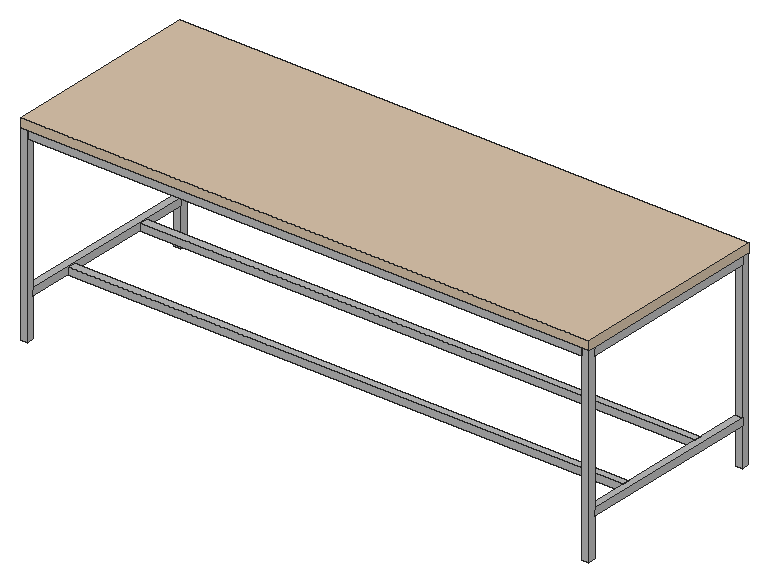
Revit family "Haworth_Cultivate_Table", category Furniture Systems, Revit 2018
Family settings
  Round Connector Dimension = Use Diameter
  Part Type = Normal
  OmniClass Number = 23.40.70.14.64.21
  OmniClass Title = Systems Furniture
  Work Plane-Based = No
  Always vertical = Yes
  Cut with Voids When Loaded = No
  Shared = No
  Room Calculation Point = No
Parameters (values of type "42h 120w 42d - Top Overhang - None")
  Worksurface Finish = Haworth _ Laminate _ Maple H-AE
  Worksurface Edge Finish = Haworth _ Laminate _ Maple H-AE
  Wire Manager Height = if(Actual Height > 36", 37 53/64", 25 53/64")  # 37 53/64"
  Warranty = "http://www.haworth.com/resources/product-info/warranties"
  Vertical Wire Manager = no
  URL - Product = "http://www.haworth.com/products/tables/collaborative/cultivate"
  Top Thickness 2 in. = not([Top Thickness 1 3/16 in.])  # yes
  Top Thickness 1 3/16 in. = no
  Top Thickness = if(Top Thickness 2 in., 2", 1 3/16")  # 2"
  Top Overhang - Right Side - 24 in. = no
  Top Overhang - Right Side - 19 in. = no
  Top Overhang - None = not(or([Top Overhang - Right Side - 19 in.], [Top Overhang - Right Side - 24 in.], [Top Overhang - Both Sides - 19 in.], [Top Overhang - Both Sides - 24 in.]))  # yes
  Top Overhang - Both Sides - 24 in. = no
  Top Overhang - Both Sides - 19 in. = no
  Top Included = not(Base Only)  # yes
  Table Seam = Width > 120"  # no
  Sustainability Info = "https://www.haworth.com/na/en/expertise/sustainability.html"
  Support Finish = Haworth _ Paint _ Metallic Champagne
  Standard Top Thickness = "1 3/16, 2 in."  # constant formula
  Model = "Haworth - Cultivate Table"  # constant formula
  Min. Depth = 36"  # constant formula
  Max. Depth = 42"  # constant formula
  Width = 120"
  URL = "www.haworth.com"
  Support Height = Actual Height - Top Thickness  # 40"
  Size = "Verify Final Dim. w/ Haworth"  # constant formula
  Revision Number = "1"  # constant formula
  Min/Max Width = "60-120 in.; or 79-115 in.; or 98-134 in. @ 12 in. increments"  # constant formula
  Standard Height = "29, 30, 41, 41 in."  # constant formula
  Min. Width = 60"  # constant formula
  Max. Width = 134"  # constant formula
  Manufacturer = "Haworth"  # constant formula
  Frame Height 40 in. = not(Frame Height 28 in.)  # yes
  Frame Height 28 in. = no
  Frame Height = if(Frame Height 40 in., 40", 28")  # 40"
  Footrest x2 = not(Footrest x1)  # yes
  Footrest x1 = Frame Height 28 in.  # no
  Description = "Haworth - Cultivate Table"  # constant formula
  Depth = 42"
  Custom Size = not(and(or(Depth = 36", Depth = 42"), or(Width = 60", Width = 72", Width = 84", Width = 96", Width = 108", Width = 120", Width = 79", Width = 91", Width = 103", Width = 115", Width = 98", Width = 110", Width = 122", Width = 134")))  # no
  Base Only = no
  Bag Hook Finish = Haworth _ Paint _ Metallic Champagne
  Bag Hook = no
  Author = "Haworth (Bentzen)"  # constant formula
  Assembly Code = "E2020200"
  Actual Width = if(Width > Max. Width, Max. Width, if(Width < Min. Width, Min. Width, Width))  # 120"
  Actual Top Overhang - Right Side - 24 in. = if(and([Top Overhang - Right Side - 24 in.], or((Width - 24") = 60", (Width - 24") = 72", (Width - 24") = 84", (Width - 24") = 96")), 24", 0")  # 0"
  Actual Top Overhang - Right Side - 19 in. = if(and([Top Overhang - Right Side - 19 in.], or((Width - 19") = 60", (Width - 19") = 72", (Width - 19") = 84", (Width - 19") = 96")), 19", 0")  # 0"
  Actual Top Overhang - Right Side = if(or([Actual Top Overhang - Both Sides - 19 in.] = 19", [Actual Top Overhang - Right Side - 19 in.] = 19"), 19", if(or([Actual Top Overhang - Both Sides - 24 in.] = 24", [Actual Top Overhang - Right Side - 24 in.] = 24"), 24", if([Top Overhang - None], 0", 0")))  # 0"
  Actual Top Overhang - Left Side = if([Actual Top Overhang - Both Sides - 19 in.] = 19", 19", if([Actual Top Overhang - Both Sides - 24 in.] = 24", 24", if([Top Overhang - None], 0", 0")))  # 0"
  Actual Top Overhang - Both Sides - 24 in. = if(and([Top Overhang - Both Sides - 24 in.], or((Width - 48") = 60", (Width - 48") = 72", (Width - 48") = 84", (Width - 48") = 96")), 24", 0")  # 0"
  Actual Top Overhang - Both Sides - 19 in. = if(and([Top Overhang - Both Sides - 19 in.], or((Width - 38") = 60", (Width - 38") = 72", (Width - 38") = 84", (Width - 38") = 96")), 19", 0")  # 0"
  Actual Height = Top Thickness + Frame Height  # 42"
  Standard Depths = "36, 42 in."  # constant formula
  Actual Depth = if(Depth > Max. Depth, Max. Depth, if(Depth < Min. Depth, Min. Depth, Depth))  # 42"
Types (10): name | Top Overhang - Right Side - 24 in. | Top Overhang - Right Side - 19 in. | Top Overhang - None | Top Overhang - Both Sides - 24 in. | Top Overhang - Both Sides - 19 in. | Table Seam | Width | Depth | Actual Width | Actual Top Overhang - Right Side - 24 in. | Actual Top Overhang - Right Side - 19 in. | Actual Top Overhang - Right Side | Actual Top Overhang - Left Side | Actual Top Overhang - Both Sides - 24 in. | Actual Top Overhang - Both Sides - 19 in. | Actual Depth
  42h 60w 36d - Top Overhang - None | no | no | yes | no | no | no | 60" | 36" | 60" | 0" | 0" | 0" | 0" | 0" | 0" | 36"
  42h 120w 42d - Top Overhang - None | no | no | yes | no | no | no | 120" | 42" | 120" | 0" | 0" | 0" | 0" | 0" | 0" | 42"
  42h 103w 42d - Top Overhang - Right | no | yes | no | no | no | no | 103" | 42" | 103" | 0" | 19" | 19" | 0" | 0" | 0" | 42"
  42h 108w 42d - Top Overhang - Both Sides | no | no | no | yes | no | no | 108" | 42" | 108" | 0" | 0" | 24" | 24" | 24" | 0" | 42"
  42h 122w 42d - Top Overhang - Both Sides | no | no | no | no | yes | yes | 122" | 42" | 122" | 0" | 0" | 19" | 19" | 0" | 19" | 42"
  42h 79w 36d - Top Overhang - Right | no | yes | no | no | no | no | 79" | 36" | 79" | 0" | 19" | 19" | 0" | 0" | 0" | 36"
  42h 72w 36d - Top Overhang - None | no | no | yes | no | no | no | 72" | 36" | 72" | 0" | 0" | 0" | 0" | 0" | 0" | 36"
  42h 84w 36d - Top Overhang - Right | yes | no | no | no | no | no | 84" | 36" | 84" | 24" | 0" | 24" | 0" | 0" | 0" | 36"
  42h 84w 36d - Top Overhang - None | no | no | yes | no | no | no | 84" | 36" | 84" | 0" | 0" | 0" | 0" | 0" | 0" | 36"
  42h 96w 42d | no | no | yes | no | no | no | 96" | 42" | 96" | 0" | 0" | 0" | 0" | 0" | 0" | 42"
Reference planes (in)
  plane 1 "Floor": z = 0
  plane 2 "Table Bottom": z = 42
  plane 3 "masking region": z = 40
  plane 4: x = 189.5
  plane 5: x = 189.5
  plane 6: x = 309.5
  plane 7: x = 309.5
  plane 8: x = 249.5
  plane 9: z = 0
  plane 10: z = 42
  plane 11: y = -18.4568
  plane 12: y = 23.5432
  plane 13: y = 2.5432
  plane 14: z = 40
  plane 15: x = 189.5
  plane 16: x = 191
  plane 17: y = -18.4568
  plane 18: y = -16.9568
  plane 19: x = 189.5
  plane 20: x = 191
  plane 21: y = 22.0432
  plane 22: y = 23.5432
  plane 23: x = 308
  plane 24: x = 309.5
  plane 25: y = 22.0432
  plane 26: y = 23.5432
  plane 27: x = 308
  plane 28: x = 309.5
  plane 29: y = -18.4568
  plane 30: y = -16.9568
  plane 31: z = 38.5
  plane 32: z = 40
  plane 33: z = 38.5
  plane 34: x = 189.5
  plane 35: x = 191
  plane 36: z = 40
  plane 37: z = 38.5
  plane 38: z = 8.125
  plane 39: z = 9.625
  plane 40: y = 12.7932
  plane 41: y = -7.7068
  plane 42: y = 3.2932
  plane 43: y = 1.7932
  plane 44: y = -6.2068
  plane 45: y = 11.2932
  plane 46: x = 191.75
  plane 47: x = 191
  plane 48: y = -17.1218
  plane 49: y = -18.2918
  plane 50: z = 38.25
  plane 51: z = 0.42187
  plane 52: x = 194
  plane 53: y = -14.9568
Forms (in)
  Extrusion 1, solid, material "Haworth _ Paint _ Metallic Champagne" <- "Support Finish"
    sketch origin (0, 0, 0) x (1, 0, 0) y (0, 1, 0)
      loop
        line (189.5, 23.5432) -> (189.5, 22.0432) -> (191, 22.0432) -> (191, 23.5432) -> (189.5, 23.5432)
    from 0 to 40
  Extrusion 2, solid, material "Haworth _ Paint _ Metallic Champagne" <- "Support Finish"
    sketch origin (0, -34.5, 0) x (1, 0, 0) y (0, 1, 0)
      loop
        line (189.5, 17.5432) -> (189.5, 16.04321) -> (191, 16.04321) -> (191, 17.5432) -> (189.5, 17.5432)
    from 0 to 40
  Extrusion 3, solid, material "Haworth _ Paint _ Metallic Champagne" <- "Support Finish"
    sketch origin (58.5, -34.5, 0) x (1, 0, 0) y (0, 1, 0)
      loop
        line (249.5, 17.5432) -> (249.5, 16.04321) -> (251, 16.04321) -> (251, 17.5432) -> (249.5, 17.5432)
    from 0 to 40
  Extrusion 4, solid, material "Haworth _ Paint _ Metallic Champagne" <- "Support Finish"
    sketch origin (58.5, 0, 0) x (1, 0, 0) y (0, 1, 0)
      loop
        line (249.5, 23.5432) -> (249.5, 22.0432) -> (251, 22.0432) -> (251, 23.5432) -> (249.5, 23.5432)
    from 0 to 40
  Extrusion 5, solid, material "Haworth _ Paint _ Metallic Champagne" <- "Support Finish"
    sketch origin (0, 0, 0) x (1, 0, 0) y (0, 1, 0)
      loop
        line (189.5, 22.0432) -> (189.5, -16.9568) -> (191, -16.9568) -> (191, 22.0432) -> (189.5, 22.0432)
    from 38.5 to 40
  Extrusion 6, solid, material "Haworth _ Paint _ Metallic Champagne" <- "Support Finish"
    sketch origin (10, 0, 0) x (1, 0, 0) y (0, 1, 0)
      loop
        line (179.5, 22.0432) -> (179.5, -16.9568) -> (181, -16.9568) -> (181, 22.0432) -> (179.5, 22.0432)
    from 8.125 to 9.625
  Extrusion 7, solid, material "Haworth _ Paint _ Metallic Champagne" <- "Support Finish"
    sketch origin (70, 0, 0) x (1, 0, 0) y (0, 1, 0)
      loop
        line (238, 22.0432) -> (238, -16.9568) -> (239.5, -16.9568) -> (239.5, 22.0432) -> (238, 22.0432)
    from 8.125 to 9.625
  Extrusion 8, solid, material "Haworth _ Paint _ Metallic Champagne" <- "Support Finish"
    sketch origin (77, 0, 0) x (1, 0, 0) y (0, 1, 0)
      loop
        line (231, 22.0432) -> (231, -16.9568) -> (232.5, -16.9568) -> (232.5, 22.0432) -> (231, 22.0432)
    from 38.5 to 40
  Extrusion 9, solid, material "Haworth _ Paint _ Metallic Champagne" <- "Support Finish"
    sketch origin (267.36851, -391.55235, -11.5) x (0, 1, 0) y (-1, 0, 0)
      loop
        line (373.09556, -40.63149) -> (374.59555, -40.63149) -> (374.59555, 76.36851) -> (373.09556, 76.36851) -> (373.09556, -40.63149)
    from 50 to 51.5
  Extrusion 10, solid, material "Haworth _ Paint _ Metallic Champagne" <- "Support Finish"
    sketch origin (226.00659, -384.25913, -11.5) x (0, 1, 0) y (-1, 0, 0)
      loop
        line (406.30233, 35.00659) -> (406.30233, -81.99341) -> (407.80233, -81.99341) -> (407.80233, 35.00659) -> (406.30233, 35.00659)
    from 50 to 51.5
  Extrusion 11, solid, material "Haworth _ Paint _ Metallic Champagne" <- "Support Finish", visible <- "Footrest x2"
    sketch origin (0, 0, 0) x (1, 0, 0) y (0, 1, 0)
      loop
        line (191, -6.2068) -> (191, -7.7068) -> (308, -7.7068) -> (308, -6.2068) -> (191, -6.2068)
    from 8.125 to 9.625
  Extrusion 12, solid, material "Haworth _ Paint _ Metallic Champagne" <- "Support Finish", visible <- "Footrest x2"
    sketch origin (0, 23, 0) x (1, 0, 0) y (0, 1, 0)
      loop
        line (191, -10.2068) -> (191, -11.7068) -> (308, -11.7068) -> (308, -10.2068) -> (191, -10.2068)
    from 8.125 to 9.625
  Extrusion 13, solid, material "Haworth _ Paint _ Metallic Champagne" <- "Support Finish", visible <- "Footrest x1"
    sketch origin (16.73869, 11.72055, 0) x (1, 0, 0) y (0, 1, 0)
      loop
        line (174.26131, -8.42735) -> (174.26131, -9.92735) -> (291.26131, -9.92735) -> (291.26131, -8.42735) -> (174.26131, -8.42735)
    from 8.125 to 9.625
  Extrusion 14, solid, material "Haworth _ Paint _ Metallic Champagne" <- "Support Finish", visible <- "Vertical Wire Manager"
    sketch origin (206.70402, 171.01486, 40) x (-1, 0, 0) y (0, -1, 0)
      loop
        arc (14.95402, 188.22651) -> (14.98033, 188.16298) -> (15.04386, 188.13666) r 0.08984
        line (15.04386, 188.13666) -> (15.61417, 188.13666)
        arc (15.61417, 188.13666) -> (15.6777, 188.16298) -> (15.70402, 188.22651) r 0.08984
        line (15.70402, 188.22651) -> (15.70402, 189.21682)
        arc (15.70402, 189.21682) -> (15.6777, 189.28035) -> (15.61417, 189.30666) r 0.08984
        line (15.61417, 189.30666) -> (15.04386, 189.30666)
        arc (15.04386, 189.30666) -> (14.98033, 189.28035) -> (14.95402, 189.21682) r 0.08984
        line (14.95402, 189.21682) -> (14.95402, 188.22651)
    from -39.57813 to -1.75
  Sweep 15, solid, material "Haworth _ Paint _ Metallic Champagne" <- "Bag Hook Finish", visible <- "Bag Hook"
    path origin (1, 0, 1.5) x (0, 1, 0) y (0, 0, 1)
      loop
        line (-16.44931, 35.19657) -> (-15.90627, 34.1308)
        arc (-15.90627, 34.1308) -> (-15.34436, 33.86278) -> (-14.9568, 34.35) r 0.50004
        line (-14.9568, 34.35) -> (-14.9568, 38.5) -> (-16.5568, 38.5)
    profile origin (1, -15.7568, 40) x (0, 0, -1) y (1, 0, 0)
      loop
        line (0, 193) -> (0, 191.25) -> (0.0625, 191.25) -> (0.0625, 193) -> (0, 193)
  Sweep 16, solid, material "Haworth _ Paint _ Metallic Champagne" <- "Bag Hook Finish", visible <- "Bag Hook", not visible
    path origin (0, 0, 1.5) x (0, 1, 0) y (0, 0, 1)
      loop
        line (-16.44931, 35.19657) -> (-15.90627, 34.1308)
        arc (-15.90627, 34.1308) -> (-15.34436, 33.86278) -> (-14.9568, 34.35) r 0.50004
        line (-14.9568, 34.35) -> (-14.9568, 38.5) -> (-16.5568, 38.5)
    profile origin (0, -15.7568, 40) x (0, 0, -1) y (1, 0, 0)
      loop
        line (0, 193) -> (0, 191.25) -> (0.0625, 191.25) -> (0.0625, 193) -> (0, 193)
Lines and regions (in)
  Masking region 1, visible <- "Top Included"
    outline origin (0, 0, 0) x (1, 0, 0) y (0, 1, 0)
      loop
        line (189.5, 23.5432) -> (189.5, -18.4568) -> (309.5, -18.4568) -> (309.5, 23.5432) -> (189.5, 23.5432)
  symbolic lines, style "Haworth Hidden", detail levels medium+fine
    curve 1: line (189.5, 23.5432, 0) -> (189.5, -18.4568, 0)
    curve 2: line (191, 22.0432, 0) -> (191, -16.9568, 0)
    curve 3: line (308, 22.0432, 0) -> (308, -16.9568, 0)
    curve 4: line (309.5, 23.5432, 0) -> (309.5, -18.4568, 0)
    curve 5: line (191, 22.0432, 0) -> (308, 22.0432, 0)
    curve 13: line (191, -16.9568, 0) -> (308, -16.9568, 0)
  symbolic lines, style "Haworth Hidden", visible <- "Footrest x2", detail levels medium+fine
    curve 6: line (191, 11.2932, 0) -> (308, 11.2932, 0)
    curve 7: line (191, 12.7932, 0) -> (308, 12.7932, 0)
    curve 11: line (191, -7.7068, 0) -> (308, -7.7068, 0)
    curve 12: line (191, -6.2068, 0) -> (308, -6.2068, 0)
  symbolic lines, style "Haworth Hidden", visible <- "Footrest x1", detail levels medium+fine
    curve 8: line (191, 3.2932, 0) -> (308, 3.2932, 0)
    curve 9: line (191, 1.7932, 0) -> (308, 1.7932, 0)
    curve 14: line (191, 1.7932, 0) -> (308, 1.7932, 0)
    curve 15: line (191, 3.2932, 0) -> (308, 3.2932, 0)
  model lines, style "Haworth", visible <- "Table Seam"
    curve 10: line (249.5, 23.5432, 40) -> (249.5, -18.4568, 40)
  symbolic lines, style "Haworth Hidden", visible <- "Vertical Wire Manager", detail levels medium+fine
    curve 16: line (191, -17.1218, 0) -> (191.75, -17.1218, 0)
    curve 17: line (191.75, -18.2918, 0) -> (191.75, -17.1218, 0)
    curve 18: line (191, -18.2918, 0) -> (191.75, -18.2918, 0)
  symbolic lines, style "Haworth Hidden", visible <- "Bag Hook", detail levels medium+fine
    curve 19: line (192.25, -14.9568, 0) -> (194, -14.9568, 0)
    curve 20: line (194, -14.9568, 0) -> (194, -16.12211, 0)
    curve 21: line (192.25, -14.9568, 0) -> (192.25, -16.12211, 0)
    curve 22: arc (192.25, -16.12211, 0) -> (193.125, -16.5568, 0) -> (194, -16.12211, 0) r 1.09799
  symbolic lines, style "Haworth Hidden", visible <- "Bag Hook", not visible, detail levels medium+fine
    curve 23: line (191.25, -14.9568, 0) -> (193, -14.9568, 0)
    curve 24: line (193, -14.9568, 0) -> (193, -16.12211, 0)
    curve 25: line (191.25, -14.9568, 0) -> (191.25, -16.12211, 0)
    curve 26: arc (191.25, -16.12211, 0) -> (192.125, -16.5568, 0) -> (193, -16.12211, 0) r 1.09799
Dimensions and locks (in)
  "Actual Height": plane 2 "Table Bottom" to level
  "Top Thickness": plane 2 "Table Bottom" to plane 3 "masking region"
  "Actual Top Overhang - Left Side": plane 4 to plane 5
  "Actual Top Overhang - Right Side": plane 7 to plane 6
  equal spacing: plane 7, plane 8, plane 5
  "Width": plane 7 to plane 5
  equal spacing: plane 12, plane 13, plane 11
  "Actual Depth": plane 12 to plane 11
  "Top Thickness": plane 10 to plane 14
  "Support Height": plane 14 to plane 9
  plane 10 to plane 9 = 42"
  locked: plane 14 to plane 31 at 1.5
  locked: plane 28 to plane 27 at 1.5
  locked: plane 28 to plane 23 at 1.5
  plane 12 to plane 21 = 1 1/2"
  plane 12 to plane 25 = 1 1/2"
  plane 28 to plane 19 = 120"
  locked: plane 38 to plane 9 at 8.125
  locked: plane 39 to plane 38 at 1.5
  locked: plane 42 to plane 13 at 0.75
  locked: plane 13 to plane 43 at 0.75
  locked: plane 21 to plane 40 at 9.25
  locked: plane 41 to plane 18 at 9.25
  locked: plane 40 to plane 45 at 1.5
  locked: plane 44 to plane 41 at 1.5
  plane 48 to plane 49 = 1.17"
  plane 46 to plane 47 = 3/4"
  plane 31 to plane 50 = 1/4"
  "Wire Manager Height": plane 50 to plane 51
  locked: plane 53 to plane 18 at 2
  locked: plane 35 to plane 52 at 3
  aligned and locked: plane 5 to nested 1
  aligned and locked: plane 12 to nested 1
  aligned and locked: nested 1 to plane 11
  aligned and locked: plane 10 to nested 1
  aligned and locked: nested 1 to plane 14
  aligned and locked: plane 11 to plane 17
  aligned and locked: plane 4 to plane 15
  aligned and locked: plane 4 to plane 19
  aligned and locked: plane 12 to plane 22
  aligned and locked: plane 6 to plane 24
  aligned and locked: plane 12 to plane 26
  aligned and locked: plane 11 to plane 29
  aligned and locked: plane 6 to plane 28
  aligned and locked: plane 14 to plane 32
  aligned and locked: plane 19 to plane 34
  aligned and locked: plane 14 to plane 36
  aligned and locked: Extrusion 1 to plane 21
  aligned and locked: plane 20 to Extrusion 1
  aligned and locked: Extrusion 1 to plane 4
  aligned and locked: plane 12 to Extrusion 1
  aligned and locked: plane 16 to Extrusion 2
  aligned and locked: Extrusion 2 to plane 4
  aligned and locked: plane 18 to Extrusion 2
  aligned and locked: Extrusion 2 to plane 11
  aligned and locked: Extrusion 3 to plane 27
  aligned and locked: plane 6 to Extrusion 3
  aligned and locked: Extrusion 3 to plane 30
  aligned and locked: Extrusion 3 to plane 11
  aligned and locked: plane 12 to Extrusion 4
  aligned and locked: plane 6 to Extrusion 4
  aligned and locked: plane 25 to Extrusion 4
  aligned and locked: Extrusion 4 to plane 23
  aligned and locked: plane 14 to Extrusion 2
  aligned and locked: plane 14 to Extrusion 1
  aligned and locked: plane 14 to Extrusion 3
  aligned and locked: plane 14 to Extrusion 4
  aligned and locked: Extrusion 4 to plane 9
  aligned and locked: Extrusion 3 to plane 9
  aligned and locked: Extrusion 1 to plane 9
  aligned and locked: Extrusion 2 to plane 9
  aligned and locked: plane 21 to Extrusion 5  (x2)
  aligned and locked: Extrusion 5 to plane 18  (x2)
  aligned and locked: Extrusion 5 to plane 34
  aligned and locked: plane 35 to Extrusion 5
  aligned and locked: plane 14 to Extrusion 5
  aligned and locked: Extrusion 5 to plane 31
  aligned and locked: plane 14 to Extrusion 8
  aligned and locked: plane 31 to Extrusion 8
  aligned and locked: Extrusion 8 to plane 27
  aligned and locked: plane 28 to Extrusion 8
  aligned and locked: plane 21 to Extrusion 6
  aligned and locked: Extrusion 6 to plane 18
  aligned and locked: Extrusion 8 to plane 25
  aligned and locked: Extrusion 7 to plane 25
  aligned and locked: plane 30 to Extrusion 8
  aligned and locked: plane 30 to Extrusion 7
  aligned and locked: Extrusion 7 to plane 23
  aligned and locked: plane 6 to Extrusion 7
  aligned and locked: Extrusion 6 to plane 34
  aligned and locked: plane 35 to Extrusion 6
  aligned and locked: plane 39 to Extrusion 6
  aligned and locked: Extrusion 6 to plane 38
  aligned and locked: plane 38 to Extrusion 7
  aligned and locked: Extrusion 7 to plane 39
  aligned and locked: Extrusion 10 to plane 20
  aligned and locked: Extrusion 9 to plane 20
  aligned and locked: plane 27 to Extrusion 10
  aligned and locked: plane 27 to Extrusion 9
  aligned and locked: plane 14 to Extrusion 9
  aligned and locked: plane 14 to Extrusion 10
  aligned and locked: Extrusion 9 to plane 31
  aligned and locked: Extrusion 10 to plane 31
  aligned and locked: plane 12 to Extrusion 10
  aligned and locked: Extrusion 9 to plane 30
  aligned and locked: Extrusion 10 to plane 25
  aligned and locked: Extrusion 9 to plane 11
  aligned and locked: Extrusion 12 to plane 35
  aligned and locked: Extrusion 13 to plane 35
  aligned and locked: Extrusion 11 to plane 35
  aligned and locked: Extrusion 12 to plane 23
  aligned and locked: plane 27 to Extrusion 13
  aligned and locked: plane 27 to Extrusion 11
  aligned and locked: Extrusion 13 to plane 42
  aligned and locked: Extrusion 13 to plane 43
  aligned and locked: Extrusion 12 to plane 45
  aligned and locked: Extrusion 12 to plane 40
  aligned and locked: Extrusion 11 to plane 44
  aligned and locked: Extrusion 11 to plane 41
  aligned and locked: Extrusion 11 to plane 39
  aligned and locked: Extrusion 13 to plane 39
  aligned and locked: Extrusion 12 to plane 39
  aligned and locked: Extrusion 11 to plane 38
  aligned and locked: Extrusion 13 to plane 38
  aligned and locked: Extrusion 12 to plane 38
  aligned and locked: plane 12 to Masking region 1
  aligned and locked: Masking region 1 to plane 11
  aligned and locked: plane 7 to Masking region 1
  aligned and locked: Masking region 1 to plane 5
  aligned and locked: curve 1 to plane 34
  aligned and locked: curve 3 to plane 23
  aligned and locked: curve 3 to plane 25
  aligned and locked: curve 5 to plane 25
  aligned and locked: curve 6 to plane 45
  aligned and locked: curve 7 to plane 40
  aligned and locked: curve 8 to plane 23
  aligned and locked: curve 9 to plane 43
  aligned and locked: curve 8 to plane 42
  aligned and locked: curve 10 to plane 8
  aligned and locked: plane 12 to curve 10
  aligned and locked: plane 18 to curve 2
  aligned and locked: plane 11 to curve 4
  aligned and locked: curve 3 to plane 30
  aligned and locked: curve 11 to plane 41
  aligned and locked: curve 12 to plane 44
  aligned and locked: curve 15 to plane 42
  aligned and locked: curve 14 to plane 43
  aligned and locked: Extrusion 14 sketch curve to plane 49
  aligned and locked: plane 47 to Extrusion 14 sketch curve
  aligned and locked: Extrusion 14 sketch curve to plane 46
  aligned and locked: plane 48 to Extrusion 14 sketch curve
  aligned and locked: Extrusion 14 to plane 51
  aligned and locked: plane 50 to Extrusion 14
  aligned and locked: plane 12 to curve 4
  aligned and locked: plane 11 to curve 1
  aligned and locked: plane 12 to curve 1
  aligned and locked: plane 35 to curve 14
  aligned and locked: plane 35 to curve 11
  aligned and locked: plane 52 to Sweep 15
  aligned and locked: plane 53 to Sweep 15
Automatic sketch dimensions
  Extrusion 14 sketch curve to plane 46 = 23/256"  (x2)
  plane 47 to Extrusion 14 sketch curve = 23/256"  (x2)
  Extrusion 1 sketch curve to plane 4 = 0"
  Extrusion 1 sketch curve to plane 16 = 0"
  Extrusion 1 sketch curve to plane 21 = 0"
  Extrusion 1 sketch curve to plane 12 = 0"
  Extrusion 2 sketch curve to plane 4 = 0"
  Extrusion 2 sketch curve to plane 11 = 0"
  Extrusion 2 sketch curve to plane 16 = 0"
  Extrusion 2 sketch curve to plane 18 = 0"
  Extrusion 3 sketch curve to plane 11 = 0"
  Extrusion 3 sketch curve to plane 23 = 0"
  Extrusion 3 sketch curve to plane 6 = 0"
  plane 18 to Extrusion 3 sketch curve = 0"
  plane 21 to Extrusion 4 sketch curve = 0"
  Extrusion 4 sketch curve to plane 23 = 0"
  Extrusion 4 sketch curve to plane 6 = 0"
  Extrusion 4 sketch curve to plane 12 = 0"
  Extrusion 5 sketch curve to plane 4 = 0"
  Extrusion 5 sketch curve to plane 16 = 0"
  Extrusion 5 sketch curve to plane 18 = 0"
  Extrusion 5 sketch curve to plane 21 = 0"
  Extrusion 6 sketch curve to plane 4 = 0"
  Extrusion 6 sketch curve to plane 16 = 0"
  Extrusion 6 sketch curve to plane 18 = 0"
  Extrusion 6 sketch curve to plane 21 = 0"
  plane 18 to Extrusion 7 sketch curve = 0"
  Extrusion 7 sketch curve to plane 23 = 0"
  Extrusion 7 sketch curve to plane 6 = 0"
  plane 21 to Extrusion 7 sketch curve = 0"
  plane 18 to Extrusion 8 sketch curve = 0"
  Extrusion 8 sketch curve to plane 23 = 0"
  Extrusion 8 sketch curve to plane 6 = 0"
  plane 21 to Extrusion 8 sketch curve = 0"
  Extrusion 9 sketch curve to plane 11 = 0"
  plane 18 to Extrusion 9 sketch curve = 0"
  Extrusion 9 sketch curve to plane 23 = 0"
  Extrusion 9 sketch curve to plane 16 = 0"
  plane 21 to Extrusion 10 sketch curve = 0"
  Extrusion 10 sketch curve to plane 12 = 0"
  Extrusion 10 sketch curve to plane 23 = 0"
  Extrusion 10 sketch curve to plane 16 = 0"
  Extrusion 11 sketch curve to plane 16 = 0"
  Extrusion 11 sketch curve to plane 23 = 0"
  Extrusion 11 sketch curve to plane 41 = 0"
  Extrusion 11 sketch curve to plane 44 = 0"
  Extrusion 12 sketch curve to plane 16 = 0"
  Extrusion 12 sketch curve to plane 23 = 0"
  Extrusion 12 sketch curve to plane 45 = 0"
  Extrusion 12 sketch curve to plane 40 = 0"
  Extrusion 13 sketch curve to plane 16 = 0"
  Extrusion 13 sketch curve to plane 23 = 0"
  Extrusion 13 sketch curve to plane 43 = 0"
  Extrusion 13 sketch curve to plane 42 = 0"
  Masking region 1 sketch curve to plane 4 = 0"
  plane 6 to Masking region 1 sketch curve = 0"
  Masking region 1 sketch curve to plane 11 = 0"
  Masking region 1 sketch curve to plane 12 = 0"
  curve 10 to Extrusion 3 = 0"
  curve 18 to plane 16 = 0"
  curve 16 to plane 16 = 0"
  curve 4 to plane 6 = 0"
  curve 17 to plane 18 = 0.165"
  plane 16 to curve 17 = 3/4"
  plane 11 to curve 18 = 0.165"
  profile plane to Sweep 15 sketch curve = 0"
  Sweep 15 sketch curve to Sweep 15 sketch curve = 1/16"
  profile plane to Sweep 15 sketch curve = 191 1/4"
  Sweep 15 sketch curve to Sweep 15 sketch curve = 1 3/4"
  Sweep 15 sketch curve to Sweep 15 sketch curve = 0.50004"
  Sweep 15 sketch curve to Sweep 15 sketch curve = 0.44943"
  Sweep 15 sketch curve to Sweep 15 sketch curve = 1.06577"
  Sweep 15 sketch curve to Sweep 15 sketch curve = 3.30343"
  Sweep 15 sketch curve to Sweep 15 sketch curve = 0.54304"
  Sweep 15 sketch curve to Sweep 15 sketch curve = 1.6"
  profile plane to Sweep 16 sketch curve = 0"
  Sweep 16 sketch curve to Sweep 16 sketch curve = 1/16"
  profile plane to Sweep 16 sketch curve = 191 1/4"
  Sweep 16 sketch curve to Sweep 16 sketch curve = 1 3/4"
  Sweep 16 sketch curve to Sweep 16 sketch curve = 0.50004"
  Sweep 16 sketch curve to Sweep 16 sketch curve = 0.44943"
  Sweep 16 sketch curve to Sweep 16 sketch curve = 1.06577"
  Sweep 16 sketch curve to Sweep 16 sketch curve = 3.30343"
  Sweep 16 sketch curve to Sweep 16 sketch curve = 0.54304"
  Sweep 16 sketch curve to Sweep 16 sketch curve = 1.6"
  curve 19 to curve 22 = 7/8"
  curve 22 to curve 20 = 7/8"
  curve 22 to curve 21 = 0.50201"
  curve 22 to curve 22 = 0.6633"
  curve 23 to curve 26 = 7/8"
  curve 26 to curve 24 = 7/8"
  curve 26 to curve 25 = 0.50201"
  curve 26 to curve 26 = 0.6633"
Nested families (in)
  nested 1: "Worksurface-Rectangular" at (249.5, -12.4568, 0), visible <- "Top Included", type "Worksurface"
    with Actual Depth 42"
Definition of nested family "Worksurface-Rectangular"
  Parameters (values of type "Worksurface")
    Width = 120"
    Warranty = ""
    URL - Product = ""
    URL = "www.haworth.com"
    Table Thickness = 2"
    Table Finish = none
    Table Edge Finish = none
    Sustainability Info = ""
    Size = "Verify Final Dim. w/ Haworth"  # constant formula
    Revision Number = ""
    OmniClass Number = ""
    Min/Max Width = ""
    Min/Max Height = ""
    Min. Width = 0"
    Max. Width = 0"
    Min. Height = 0"
    Max. Height = 0"
    Material Options = ""
    Manufacturer = "Haworth"  # constant formula
    LEED Data = ""
    Height = 42"
    Author = "SHAPE Environments, LLC"  # constant formula
    Assembly Code = ""
    Actual Width = 120"
    Actual Height = 42"
    Actual Depth = 36"
  Reference planes (in)
    plane 1 "Center F/B": y = 15
    plane 2: z = 0
    plane 3 "Center L/R": x = 0
    plane 4 "Table Front": y = 33
    plane 5 "Table Right": x = 60
    plane 6 "Table Left": x = -60
    plane 7 "Table Back": y = -3
    plane 8 "Table Top": z = 42
    plane 9 "Table Bottom": z = 40
  Forms (in)
    Extrusion 1, solid, material <- "Table Finish"
      sketch origin (0, 0, 0) x (1, 0, 0) y (0, 1, 0)
        loop
          line (-60, 33) -> (-60, -3) -> (60, -3) -> (60, 33) -> (-60, 33)
      from 40 to 42
    Extrusion 2, solid, material <- "Table Finish", not visible
      sketch origin (0, 0, 0) x (1, 0, 0) y (0, 1, 0)
        loop
          arc (-58.5, 33) -> (-59.56066, 32.56066) -> (-60, 31.5) r 1.5
          line (-60, 31.5) -> (-60, -1.5)
          arc (-60, -1.5) -> (-59.56066, -2.56066) -> (-58.5, -3) r 1.5
          line (-58.5, -3) -> (58.5, -3)
          arc (58.5, -3) -> (59.56066, -2.56066) -> (60, -1.5) r 1.5
          line (60, -1.5) -> (60, 31.5)
          arc (60, 31.5) -> (59.56066, 32.56066) -> (58.5, 33) r 1.5
          line (58.5, 33) -> (-58.5, 33)
      from 40 to 42
  Lines and regions (in)
    Masking region 1
      outline origin (0, 0, 42) x (-1, 0, 0) y (0, -1, 0)
        loop
          line (60, -33) -> (60, 3) -> (-60, 3) -> (-60, -33) -> (60, -33)
    Masking region 2, not visible
      outline origin (0, 0, 42) x (-1, 0, 0) y (0, -1, 0)
        loop
          arc (58.5, -33) -> (59.56066, -32.56066) -> (60, -31.5) r 1.5
          line (60, -31.5) -> (60, 1.5)
          arc (60, 1.5) -> (59.56066, 2.56066) -> (58.5, 3) r 1.5
          line (58.5, 3) -> (-58.5, 3)
          arc (-58.5, 3) -> (-59.56066, 2.56066) -> (-60, 1.5) r 1.5
          line (-60, 1.5) -> (-60, -31.5)
          arc (-60, -31.5) -> (-59.56066, -32.56066) -> (-58.5, -33) r 1.5
          line (-58.5, -33) -> (58.5, -33)
  Dimensions and locks (in)
    "Actual Depth": plane 7 "Table Back" to plane 4 "Table Front"
    "Actual Width": plane 6 "Table Left" to plane 5 "Table Right"
    equal spacing: plane 6 "Table Left", plane 3 "Center L/R", plane 5 "Table Right"
    equal spacing: plane 4 "Table Front", plane 1 "Center F/B", plane 7 "Table Back"
    "Table Thickness": plane 8 "Table Top" to plane 9 "Table Bottom"
    "Actual Height": plane 8 "Table Top" to level
    aligned and locked: plane 6 "Table Left" to Extrusion 1 sketch curve
    aligned and locked: Extrusion 1 sketch curve to plane 4 "Table Front"
    aligned and locked: plane 7 "Table Back" to Extrusion 1 sketch curve
    aligned and locked: plane 5 "Table Right" to Extrusion 1 sketch curve
    aligned and locked: Extrusion 1 to plane 8 "Table Top"
    aligned and locked: Extrusion 1 to plane 9 "Table Bottom"
    aligned and locked: plane 6 "Table Left" to Extrusion 2 sketch curve
    aligned and locked: Extrusion 2 sketch curve to plane 7 "Table Back"
    aligned and locked: plane 5 "Table Right" to Extrusion 2 sketch curve
    aligned and locked: Extrusion 2 sketch curve to plane 4 "Table Front"
    aligned and locked: Extrusion 2 to plane 8 "Table Top"
    aligned and locked: Extrusion 2 to plane 9 "Table Bottom"
    aligned and locked: Masking region 1 sketch curve to plane 7 "Table Back"
    aligned and locked: plane 5 "Table Right" to Masking region 1 sketch curve
    aligned and locked: Masking region 1 sketch curve to plane 4 "Table Front"
    aligned and locked: plane 6 "Table Left" to Masking region 1 sketch curve
    aligned and locked: Masking region 2 sketch curve to Extrusion 2  (x4)
  Automatic sketch dimensions
    plane 6 "Table Left" to Extrusion 2 sketch curve = 1 1/2"
    Extrusion 2 sketch curve to Extrusion 2 sketch curve = 1 1/2"
    plane 5 "Table Right" to Extrusion 2 sketch curve = 1 1/2"  (x2)
    plane 5 "Table Right" to Masking region 2 sketch curve = 1 1/2"  (x2)
    plane 6 "Table Left" to Masking region 2 sketch curve = 1 1/2"  (x2)
